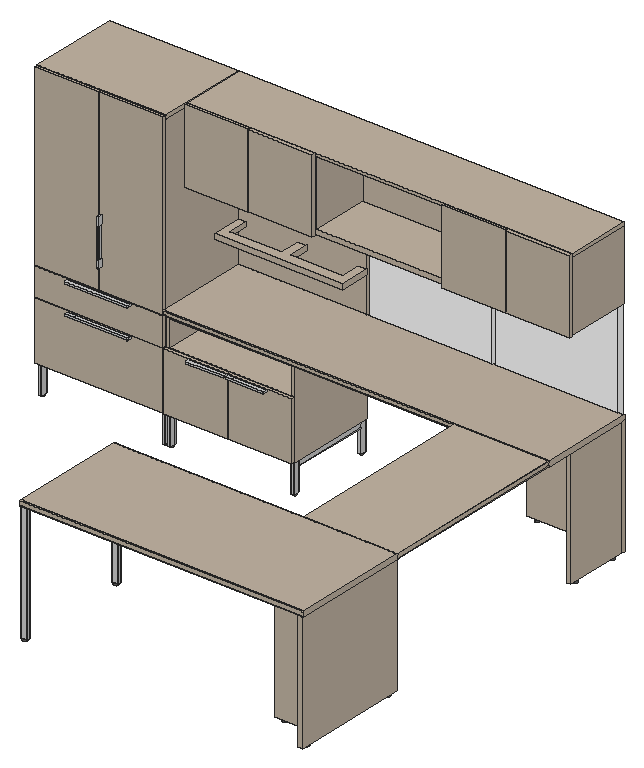
Revit family "FLT011", category Furniture, Revit 2019 (continued)
Definition of nested family "JSI-Flux-Wb_Fls_Lg_Pm_Ht"
  Dimensions and locks (in)
    locked: plane 51 to plane 67 at 0.20312
    "Top_Pull_Dist": plane 2 "Center (Left/Right)" to plane 63
    "C_Pull_Dist": plane 2 "Center (Left/Right)" to plane 64
    "Bottom_Pull_Dist": plane 2 "Center (Left/Right)" to plane 65
    equal spacing: plane 12, plane 70, plane 13
    "L_Vertical_Pull_Dist": plane 2 "Center (Left/Right)" to plane 68
    "R_Vertical_Pull_Dist": plane 2 "Center (Left/Right)" to plane 69
    "Top_2_Pull_Dist": plane 2 "Center (Left/Right)" to plane 71
    locked: plane 73 to plane 72 at 1
    "Top_V_Void_Dist": plane 72 to plane 41
    aligned and locked: level to plane 1
    aligned and locked: Extrusion 1 sketch curve to plane 5
    aligned and locked: Extrusion 1 sketch curve to plane 9
    aligned and locked: Extrusion 1 sketch curve to plane 7
    aligned and locked: Extrusion 2 sketch curve to plane 7
    aligned and locked: Extrusion 2 sketch curve to plane 6
    aligned and locked: Extrusion 2 sketch curve to plane 10
    aligned and locked: Extrusion 3 sketch curve to plane 17
    aligned and locked: Extrusion 3 sketch curve to plane 18
    aligned and locked: Extrusion 3 sketch curve to plane 9
    aligned and locked: Extrusion 3 sketch curve to plane 10
    aligned and locked: plane 16 to Extrusion 3
    aligned and locked: plane 3 "Center (Front/Back)" to Extrusion 4 sketch curve
    aligned and locked: plane 12 to Extrusion 4 sketch curve
    aligned and locked: plane 16 to Extrusion 4 sketch curve
    aligned and locked: plane 8 to Extrusion 4 sketch curve
    aligned and locked: Extrusion 4 to plane 2 "Center (Left/Right)"
    aligned and locked: plane 4 to Extrusion 4
    aligned and locked: Extrusion 3 to plane 13
    aligned and locked: plane 14 to Extrusion 5 sketch curve
    aligned and locked: plane 15 to Extrusion 5 sketch curve
    aligned and locked: plane 18 to Extrusion 5 sketch curve
    aligned and locked: plane 19 to Extrusion 5 sketch curve
    aligned and locked: Extrusion 5 to plane 9
    aligned and locked: plane 10 to Extrusion 5
    aligned and locked: plane 11 to nested 1
    aligned and locked: curve 1 to plane 2 "Center (Left/Right)"
    aligned and locked: curve 2 to plane 3 "Center (Front/Back)"
    aligned and locked: curve 4 to plane 4
    aligned and locked: curve 9 to plane 7
    aligned and locked: curve 11 to plane 7
    aligned and locked: curve 5 to plane 5
    aligned and locked: curve 7 to plane 10
    aligned and locked: plane 9 to curve 14
    aligned and locked: plane 10 to curve 13
    aligned and locked: plane 10 to curve 14
    aligned and locked: plane 24 to nested 1
    aligned and locked: plane 8 to Extrusion 4
    aligned and locked: plane 19 to Extrusion 1
    aligned and locked: curve 10 to plane 19
    aligned and locked: curve 12 to plane 19
    aligned and locked: plane 19 to Extrusion 2
    aligned and locked: Extrusion 6 sketch curve to plane 31
    aligned and locked: Extrusion 6 sketch curve to plane 32
    aligned and locked: Extrusion 6 to plane 18
    aligned and locked: plane 19 to Extrusion 6
    aligned and locked: Extrusion 7 sketch curve to plane 35
    aligned and locked: Extrusion 7 sketch curve to plane 34
    aligned and locked: Extrusion 8 to plane 18
    aligned and locked: plane 22 to Extrusion 8
    aligned and locked: Extrusion 8 to Extrusion 9
    aligned and locked: Extrusion 10 sketch curve to plane 26
    aligned and locked: Extrusion 10 sketch curve to plane 38
    aligned and locked: Extrusion 10 sketch curve to plane 24
    aligned and locked: Extrusion 10 sketch curve to plane 27
    aligned and locked: Extrusion 10 to plane 25
    aligned and locked: plane 30 to Extrusion 10
    aligned and locked: Extrusion 11 sketch curve to plane 52
    aligned and locked: Extrusion 11 sketch curve to plane 53
    aligned and locked: Extrusion 11 sketch curve to plane 18
    aligned and locked: Extrusion 11 sketch curve to plane 19
    aligned and locked: Extrusion 11 to plane 15
    aligned and locked: plane 16 to Extrusion 11
    aligned and locked: Extrusion 7 to plane 18
    aligned and locked: plane 19 to Extrusion 7
    aligned and locked: Extrusion 12 sketch curve to plane 54
    aligned and locked: Extrusion 12 sketch curve to plane 55
    aligned and locked: Extrusion 12 sketch curve to plane 39
    aligned and locked: Extrusion 12 sketch curve to plane 40
    aligned and locked: Extrusion 12 to plane 13
    aligned and locked: plane 12 to Extrusion 12
    aligned and locked: Extrusion 13 sketch curve to plane 47
    aligned and locked: Extrusion 13 sketch curve to plane 48
    aligned and locked: Extrusion 13 sketch curve to plane 56
    aligned and locked: Extrusion 13 sketch curve to plane 57
    aligned and locked: plane 42 to Extrusion 13
    aligned and locked: Extrusion 13 to plane 41
    aligned and locked: Extrusion 14 sketch curve to plane 50
    aligned and locked: Extrusion 14 sketch curve to plane 51
    aligned and locked: Extrusion 14 sketch curve to plane 56
    aligned and locked: Extrusion 14 sketch curve to plane 57
    aligned and locked: plane 46 to Extrusion 14
    aligned and locked: Extrusion 14 to plane 45
    aligned and locked: Extrusion 15 sketch curve to plane 12
    aligned and locked: Extrusion 15 sketch curve to plane 56
    aligned and locked: Extrusion 15 sketch curve to plane 57
    aligned and locked: Extrusion 15 sketch curve to plane 48
    aligned and locked: plane 59 to Extrusion 15
    aligned and locked: Extrusion 15 to plane 58
    aligned and locked: plane 60 to nested 2
    aligned and locked: plane 62 to nested 2
    aligned and locked: plane 61 to nested 2
    aligned and locked: nested 3 to plane 63
    aligned and locked: nested 4 to plane 65
    aligned and locked: plane 66 to nested 3
    aligned and locked: plane 67 to nested 4
    aligned and locked: plane 70 to nested 5
    aligned and locked: plane 68 to nested 5
    aligned and locked: plane 70 to nested 6
    aligned and locked: plane 69 to nested 6
    aligned and locked: plane 24 to nested 3
    aligned and locked: plane 24 to nested 4
    aligned and locked: plane 24 to nested 5
    aligned and locked: plane 24 to nested 6
    aligned and locked: plane 16 to Extrusion 1
    aligned and locked: plane 16 to Extrusion 2
    aligned and locked: curve 15 to plane 26
    aligned and locked: curve 16 to plane 38
    aligned and locked: curve 17 to plane 24
    aligned and locked: curve 18 to plane 27
    aligned and locked: plane 55 to curve 24
    aligned and locked: plane 38 to curve 23
    aligned and locked: plane 24 to curve 24
    aligned and locked: plane 66 to nested 7
    aligned and locked: nested 7 to plane 71
    aligned and locked: Extrusion 16 sketch curve to plane 54
    aligned and locked: Extrusion 16 sketch curve to plane 55
    aligned and locked: Extrusion 16 sketch curve to plane 72
    aligned and locked: Extrusion 16 sketch curve to plane 73
    aligned and locked: plane 12 to Extrusion 16
    aligned and locked: Extrusion 16 to plane 47
    aligned and locked: curve 25 to plane 54
    aligned and locked: curve 26 to plane 55
    aligned and locked: plane 38 to curve 26
    aligned and locked: plane 24 to curve 26
    aligned and locked: plane 24 to curve 27
    aligned and locked: plane 38 to curve 28
    aligned and locked: Extrusion 1 to plane 13
    aligned and locked: Extrusion 2 to plane 13
    aligned and locked: plane 11 to nested 8
    aligned and locked: nested 8 to plane 61
    aligned and locked: plane 13 to nested 8
    aligned and locked: nested 8 to plane 1
    aligned and locked: plane 13 to plane 14
  Automatic sketch dimensions
    plane 19 to Extrusion 1 sketch curve = 0' - 0"
    plane 19 to Extrusion 2 sketch curve = 0' - 0"
    plane 8 to curve 4 = 0' - 0"
    plane 18 to curve 14 = 0' - 0"
    plane 17 to curve 13 = 0' - 0"
    Extrusion 6 sketch curve to plane 9 = 0' - 0"
    Extrusion 7 sketch curve to plane 53 = 0' - 0"
  Nested families (in)
    nested 1: "Label 1-16" at (-27.03288, -11.0625, 0), type "DRWCFG"
    nested 2: "Hanger" at (-28.02501, 0.25, 65.59375), Hngr L <- "Hngr_L", Hngr R <- "Hngr_R", Hanger Finish <- "Pull Finish", type "HNGR"
      with Hngr R no, Hngr L yes, Hanger Finish none
    nested 3: "Bar Pull CL" at (-32.97814, -11.0625, 27.42188), visible <- "Top_Pull", Pull Line <- "Top_Pull", Pull Finish <- "Pull Finish", type "PL"
      with Pull Line yes, Pull Finish none, Stud 0' - 1.54911", Pull Width 0' - 10 27/32"
    nested 4: "Bar Pull CL" at (-32.97814, -11.0625, 20.67188), visible <- "Bottom Pull", Pull Line <- "Bottom Pull", Pull Finish <- "Pull Finish", type "PL"
      with Pull Line yes, Pull Finish none, Stud 0' - 1.54911", Pull Width 0' - 10 27/32"
    nested 5: "Bar Pull V" at (-27.55626, -11.0625, 38.20313), Pull R <- "V_Pull_L_R", Pull L <- "V_Pull_L_L", Pull Finish <- "Pull Finish", type "PL"
      with Pull R no, Pull L no, Pull Finish none, Tuks Width 0' - 1.80729", Pull Width 0' - 10 27/32"
    nested 6: "Bar Pull V" at (-26.99376, -11.0625, 38.20313), Pull R <- "V_Pull_R_R", Pull L <- "V_Pull_R_L", Pull Finish <- "Pull Finish", type "PL"
      with Pull R no, Pull L yes, Pull Finish none, Tuks Width 0' - 1.80729", Pull Width 0' - 10 27/32"
    nested 7: "Bar Pull CL" at (-13.82189, -11.0625, 27.42188), Pull Finish <- "Pull Finish", visible <- "Top_2_Pull", Pull Line <- "Top_2_Pull", type "PL"
      with Pull Line no, Pull Finish none, Stud 0' - 1.54911", Pull Width 0' - 10 27/32"
    nested 8: "LEGS" at (-36.06413, 10.71875, 0), LEGS <- "Legs", GLIDES <- "Glides", Width <- "Leg_Width", Depth <- "Leg_Depth", type "LG"
      with Width 1' - 6 1/16", LG yes, LEGS none, GLIDES none, Depth 1' - 8 15/16"
  Definition of nested family "Hanger"
    Parameters
      Hngr L [instance] = yes
      Hngr R [instance] = yes
      Hanger Finish [instance] = none
    Reference planes (in)
      plane 1 "Center Front/Back": y = 0
      plane 2: z = 0
      plane 3 "Center Left/Right": x = 3.24213
    Forms (in)
      Extrusion 1, solid, material <- "Hanger Finish", visible <- "Hngr R"
        sketch origin (0, 0, -65.69959) x (1, 0, 0) y (0, 0, 1)
          loop
            line (3.24213, 65.32459) -> (3.24213, 63.58858)
            arc (3.24213, 63.58858) -> (3.7521, 62.87944) -> (4.58667, 63.13722) r 0.74803
            line (4.58667, 63.13722) -> (4.85512, 63.492) -> (4.73078, 63.58608) -> (4.45513, 63.2218)
            arc (4.45513, 63.2218) -> (3.83, 63.04103) -> (3.47835, 63.58858) r 0.54433
            line (3.47835, 63.58858) -> (3.55698, 64.7131)
            arc (3.55698, 64.7131) -> (3.65039, 65.09816) -> (3.86566, 65.43082) r 1.18359
            line (3.86566, 65.43082) -> (3.6823, 65.63583) -> (3.37377, 65.35987)
            arc (3.37377, 65.35987) -> (3.31215, 65.32654) -> (3.24213, 65.32459) r 0.15109
        from -0.46747 to 0.46747
      Extrusion 2, void
        sketch origin (3.24213, 0, -65.69959) x (0, 1, 0) y (0, 0, 1)
          loop
            line (0.46747, 65.91904) -> (0.30479, 62.81504) -> (0.46747, 62.81504) -> (0.46747, 65.91904)
          loop
            line (-0.46747, 65.91904) -> (-0.46747, 62.81504) -> (-0.30479, 62.81504) -> (-0.46747, 65.91904)
        from -1.75548 to 1.75581
      Extrusion 3, solid, material <- "Hanger Finish", visible <- "Hngr L"
        sketch origin (6.48425, 0, -65.69959) x (-1, 0, 0) y (0, 0, -1)
          loop
            arc (3.24213, -65.32459) -> (3.31215, -65.32654) -> (3.37377, -65.35987) r 0.15109
            line (3.37377, -65.35987) -> (3.6823, -65.63583) -> (3.86566, -65.43082)
            arc (3.86566, -65.43082) -> (3.65039, -65.09816) -> (3.55698, -64.7131) r 1.18359
            line (3.55698, -64.7131) -> (3.47835, -63.58858)
            arc (3.47835, -63.58858) -> (3.83, -63.04103) -> (4.45513, -63.2218) r 0.54433
            line (4.45513, -63.2218) -> (4.73078, -63.58608) -> (4.85512, -63.492) -> (4.58667, -63.13722)
            arc (4.58667, -63.13722) -> (3.7521, -62.87944) -> (3.24213, -63.58858) r 0.74803
            line (3.24213, -63.58858) -> (3.24213, -65.32459)
        from -0.46747 to 0.46747
    Cuts and joins
      Extrusion 2 cuts Extrusion 3
      Extrusion 2 cuts Extrusion 1
    Dimensions and locks (in)
      aligned and locked: level to plane 2
  Definition of nested family "Bar Pull CL"
    Parameters
      Stud = Pull Width / 7  # 0' - 2.12054"
      Pull Width = 1' - 2 27/32"
      Pull Line [instance] = yes
      Pull Finish [instance] = none
    Reference planes (in)
      plane 1 "Center Front/Back": y = 0
      plane 2: z = 0
      plane 3 "Center Left/Right": x = 3.24213
    Forms (in)
      Extrusion 1, solid, material <- "Pull Finish"
        sketch origin (0, 0, 0) x (1, 0, 0) y (0, 1, 0)
          loop
            line (-4.17975, 0) -> (-4.17975, -0.85113)
            arc (-4.17975, -0.85113) -> (-4.15229, -0.91742) -> (-4.086, -0.94488) r 0.09375
            line (-4.086, -0.94488) -> (10.58526, -0.94488)
            arc (10.58526, -0.94488) -> (10.64094, -0.92182) -> (10.664, -0.86614) r 0.07874
            line (10.664, -0.86614) -> (10.664, 0) -> (8.54347, 0) -> (8.54347, -0.70177)
            arc (8.54347, -0.70177) -> (8.50685, -0.79016) -> (8.41847, -0.82677) r 0.125
            line (8.41847, -0.82677) -> (-1.93421, -0.82677)
            arc (-1.93421, -0.82677) -> (-2.0226, -0.79016) -> (-2.05921, -0.70177) r 0.125
            line (-2.05921, -0.70177) -> (-2.05921, 0) -> (-4.17975, 0)
        from -0.43307 to -0.11811
      Extrusion 2, solid, material <- "Pull Finish"
        sketch origin (0, 0, 0) x (1, 0, 0) y (0, 1, 0)
          loop
            line (-4.17975, 0) -> (-4.17975, -0.85113)
            arc (-4.17975, -0.85113) -> (-4.15229, -0.91742) -> (-4.086, -0.94488) r 0.09375
            line (-4.086, -0.94488) -> (10.58526, -0.94488)
            arc (10.58526, -0.94488) -> (10.64094, -0.92182) -> (10.664, -0.86614) r 0.07874
            line (10.664, -0.86614) -> (10.664, 0) -> (-4.17975, 0)
        from 0 to -0.11811
    Cuts and joins
      joined: Extrusion 1, Extrusion 2
    Lines and regions (in)
      symbolic lines, visible <- "Pull Line"
        curve 1: line (-4.17975, 0, 0) -> (-4.17975, -0.85113, 0)
        curve 2: line (10.664, -0.86614, 0) -> (10.664, 0, 0)
        curve 3: line (-4.086, -0.94488, 0) -> (10.58526, -0.94488, 0)
        curve 4: arc (-4.17975, -0.85113, 0) -> (-4.15229, -0.91742, 0) -> (-4.086, -0.94488, 0) r 0.09375
        curve 5: arc (10.58526, -0.94488, 0) -> (10.64094, -0.92182, 0) -> (10.664, -0.86614, 0) r 0.07874
    Dimensions and locks (in)
      equal spacing: Extrusion 1 sketch curve, plane 3 "Center Left/Right", Extrusion 1 sketch curve
      "Stud": Extrusion 1 sketch curve to Extrusion 1 sketch curve  (x2)
      "Pull Width": Extrusion 1 sketch curve to Extrusion 1 sketch curve
      aligned and locked: level to plane 2
      aligned and locked: Extrusion 2 sketch curve to Extrusion 1  (x2)
      aligned and locked: cut or joined group of Extrusion 1, Extrusion 2 to curve 1
      aligned and locked: curve 4 to cut or joined group of Extrusion 1, Extrusion 2
      aligned and locked: curve 5 to cut or joined group of Extrusion 1, Extrusion 2
      aligned and locked: plane 1 "Center Front/Back" to curve 1
      aligned and locked: plane 1 "Center Front/Back" to curve 2
    Automatic sketch dimensions
      plane 1 "Center Front/Back" to Extrusion 2 sketch curve = 0' - 0"
      plane 1 "Center Front/Back" to Extrusion 1 sketch curve = 0' - 0"  (x2)
      Extrusion 1 sketch curve to Extrusion 1 sketch curve = 0' - 0 3/32"
      Extrusion 1 sketch curve to Extrusion 1 sketch curve = 0' - 0 1/8"  (x2)
      Extrusion 1 sketch curve to Extrusion 1 sketch curve = 0' - 0.07874"
      plane 1 "Center Front/Back" to Extrusion 1 sketch curve = 0' - 0.70177"
      Extrusion 1 sketch curve to Extrusion 1 sketch curve = 0' - 0.85113"
  Definition of nested family "Bar Pull V"
    Parameters
      Tuks Width = Pull Width / 6  # 0' - 2.47917"
      Pull Width = 1' - 2 7/8"
      Pull R [instance] = yes
      Pull L [instance] = yes
      Pull Finish [instance] = none
    Reference planes (in)
      plane 1 "Center Front/Back": y = 0
      plane 2: z = 0
      plane 3 "Center Left/Right": x = 3.24213
      plane 4: z = 7.4375
      plane 5: z = -7.4375
      plane 6: z = 4.95833
      plane 7: z = -4.95833
    Forms (in)
      Extrusion 1, solid, material <- "Pull Finish", visible <- "Pull R"
        sketch origin (3.24213, 0, 3.24963) x (0, 0, -1) y (0, 1, 0)
          loop
            line (-4.18787, 0) -> (-4.18787, -0.85113)
            arc (-4.18787, -0.85113) -> (-4.16041, -0.91742) -> (-4.09412, -0.94488) r 0.09375
            line (-4.09412, -0.94488) -> (10.60839, -0.94488)
            arc (10.60839, -0.94488) -> (10.66407, -0.92182) -> (10.68713, -0.86614) r 0.07874
            line (10.68713, -0.86614) -> (10.68713, 0) -> (8.20796, 0) -> (8.20796, -0.70177)
            arc (8.20796, -0.70177) -> (8.17135, -0.79016) -> (8.08296, -0.82677) r 0.125
            line (8.08296, -0.82677) -> (-1.5837, -0.82677)
            arc (-1.5837, -0.82677) -> (-1.67209, -0.79016) -> (-1.7087, -0.70177) r 0.125
            line (-1.7087, -0.70177) -> (-1.7087, 0) -> (-4.18787, 0)
        from -0.43307 to -0.11811
      Extrusion 2, solid, material <- "Pull Finish", visible <- "Pull R"
        sketch origin (3.24213, 0, 3.24963) x (0, 0, -1) y (0, 1, 0)
          loop
            line (-4.18787, 0) -> (-4.18787, -0.85113)
            arc (-4.18787, -0.85113) -> (-4.16041, -0.91742) -> (-4.09412, -0.94488) r 0.09375
            line (-4.09412, -0.94488) -> (10.60839, -0.94488)
            arc (10.60839, -0.94488) -> (10.66407, -0.92182) -> (10.68713, -0.86614) r 0.07874
            line (10.68713, -0.86614) -> (10.68713, 0) -> (-4.18787, 0)
        from 0 to -0.11811
      Extrusion 3, solid, material <- "Pull Finish", visible <- "Pull L"
        sketch origin (3.24213, 0, 3.24963) x (0, 0, -1) y (0, -1, 0)
          loop
            line (-4.18787, 0) -> (-1.7087, 0) -> (-1.7087, 0.70177)
            arc (-1.7087, 0.70177) -> (-1.67209, 0.79016) -> (-1.5837, 0.82677) r 0.125
            line (-1.5837, 0.82677) -> (8.08296, 0.82677)
            arc (8.08296, 0.82677) -> (8.17135, 0.79016) -> (8.20796, 0.70177) r 0.125
            line (8.20796, 0.70177) -> (8.20796, 0) -> (10.68713, 0) -> (10.68713, 0.86614)
            arc (10.68713, 0.86614) -> (10.66407, 0.92182) -> (10.60839, 0.94488) r 0.07874
            line (10.60839, 0.94488) -> (-4.09412, 0.94488)
            arc (-4.09412, 0.94488) -> (-4.16041, 0.91742) -> (-4.18787, 0.85113) r 0.09375
            line (-4.18787, 0.85113) -> (-4.18787, 0)
        from -0.43307 to -0.11811
      Extrusion 4, solid, material <- "Pull Finish", visible <- "Pull L"
        sketch origin (3.24213, 0, 3.24963) x (0, 0, -1) y (0, -1, 0)
          loop
            line (-4.18787, 0) -> (10.68713, 0) -> (10.68713, 0.86614)
            arc (10.68713, 0.86614) -> (10.66407, 0.92182) -> (10.60839, 0.94488) r 0.07874
            line (10.60839, 0.94488) -> (-4.09412, 0.94488)
            arc (-4.09412, 0.94488) -> (-4.16041, 0.91742) -> (-4.18787, 0.85113) r 0.09375
            line (-4.18787, 0.85113) -> (-4.18787, 0)
        from 0 to -0.11811
    Cuts and joins
      joined: Extrusion 1, Extrusion 2
      joined: Extrusion 3, Extrusion 4
    Dimensions and locks (in)
      "Pull Width": plane 4 to plane 5
      "Tuks Width": plane 4 to plane 6
      "Tuks Width": plane 7 to plane 5
      equal spacing: plane 4, plane 2, plane 5
      aligned and locked: level to plane 2
      aligned and locked: Extrusion 2 sketch curve to Extrusion 1  (x2)
      aligned and locked: Extrusion 4 sketch curve to Extrusion 3  (x2)
      aligned and locked: plane 4 to cut or joined group of Extrusion 1, Extrusion 2  (x3)
      aligned and locked: plane 4 to cut or joined group of Extrusion 3, Extrusion 4
      aligned and locked: cut or joined group of Extrusion 1, Extrusion 2 to plane 6
      aligned and locked: cut or joined group of Extrusion 3, Extrusion 4 to plane 6
      aligned and locked: plane 7 to cut or joined group of Extrusion 1, Extrusion 2
      aligned and locked: cut or joined group of Extrusion 1, Extrusion 2 to plane 5
      aligned and locked: cut or joined group of Extrusion 3, Extrusion 4 to plane 5
    Automatic sketch dimensions
      Extrusion 1 sketch curve to plane 4 = 0' - 0"
      Extrusion 1 sketch curve to plane 6 = 0' - 0"
      Extrusion 1 sketch curve to plane 1 "Center Front/Back" = 0' - 0"  (x2)
      Extrusion 1 sketch curve to plane 7 = 0' - 0"
      Extrusion 1 sketch curve to plane 5 = 0' - 0"
      Extrusion 1 sketch curve to Extrusion 1 sketch curve = 0' - 0 3/32"
      Extrusion 1 sketch curve to plane 6 = 0' - 0 1/8"
      plane 7 to Extrusion 1 sketch curve = 0' - 0 1/8"
      plane 5 to Extrusion 1 sketch curve = 0' - 0.07874"
      plane 1 "Center Front/Back" to Extrusion 1 sketch curve = 0' - 0.70177"
      Extrusion 1 sketch curve to Extrusion 1 sketch curve = 0' - 0.85113"
      Extrusion 2 sketch curve to plane 4 = 0' - 0"
      Extrusion 2 sketch curve to plane 5 = 0' - 0"
      Extrusion 2 sketch curve to Extrusion 2 sketch curve = 0' - 0 3/32"
      Extrusion 2 sketch curve to Extrusion 2 sketch curve = 0' - 0.07874"
      Extrusion 3 sketch curve to plane 4 = 0' - 0"
      Extrusion 3 sketch curve to plane 6 = 0' - 0"
      Extrusion 3 sketch curve to plane 1 "Center Front/Back" = 0' - 0"  (x2)
      Extrusion 3 sketch curve to plane 7 = 0' - 0"
      Extrusion 3 sketch curve to plane 5 = 0' - 0"
      Extrusion 3 sketch curve to plane 4 = 0' - 0 3/32"
      Extrusion 3 sketch curve to plane 6 = 0' - 0 1/8"
      plane 7 to Extrusion 3 sketch curve = 0' - 0 1/8"
      plane 5 to Extrusion 3 sketch curve = 0' - 0.07874"
      plane 1 "Center Front/Back" to Extrusion 3 sketch curve = 0' - 0.70177"
      Extrusion 3 sketch curve to Extrusion 3 sketch curve = 0' - 0.85113"
      Extrusion 4 sketch curve to plane 4 = 0' - 0"
      Extrusion 4 sketch curve to plane 5 = 0' - 0"
      Extrusion 4 sketch curve to plane 4 = 0' - 0 3/32"
      Extrusion 4 sketch curve to Extrusion 4 sketch curve = 0' - 0.07874"
  Definition of nested family "LEGS"
    Parameters
      Width [instance] = 2' - 6"
      LG [instance] = yes
      LEGS [instance] = none
      GLIDES [instance] = none
      Depth [instance] = 1' - 9 3/32"
    Reference planes (in)
      plane 1 "Center Front/Back": y = 0
      plane 2: z = 0
      plane 3 "Center Left/Right": x = 0
      plane 4: x = 30
      plane 5: y = -21.09375
      plane 6: x = 0.21441
      plane 7: x = 0.96441
      plane 8: x = 29.03125
      plane 9: x = 29.78125
      plane 10: z = 7.1875
      plane 11: y = -0.0625
      plane 12: y = -1.5625
      plane 13: y = -19.53125
      plane 14: y = -21.03125
      plane 15: y = -10.54687
      plane 16: x = 15
      plane 17: z = 0.30625
    Forms (in)
      Extrusion 1, solid, material <- "LEGS", visible <- "LG"
        sketch origin (0, 0, 0) x (1, 0, 0) y (0, 1, 0)
          loop
            arc (0.33941, -0.0625) -> (0.25102, -0.09911) -> (0.21441, -0.1875) r 0.125
            line (0.21441, -0.1875) -> (0.21441, -1.4375)
            arc (0.21441, -1.4375) -> (0.25102, -1.52589) -> (0.33941, -1.5625) r 0.125
            line (0.33941, -1.5625) -> (0.83941, -1.5625)
            arc (0.83941, -1.5625) -> (0.9278, -1.52589) -> (0.96441, -1.4375) r 0.125
            line (0.96441, -1.4375) -> (0.96441, -0.1875)
            arc (0.96441, -0.1875) -> (0.9278, -0.09911) -> (0.83941, -0.0625) r 0.125
            line (0.83941, -0.0625) -> (0.33941, -0.0625)
          loop
            arc (29.15625, -0.0625) -> (29.06786, -0.09911) -> (29.03125, -0.1875) r 0.125
            line (29.03125, -0.1875) -> (29.03125, -1.4375)
            arc (29.03125, -1.4375) -> (29.06786, -1.52589) -> (29.15625, -1.5625) r 0.125
            line (29.15625, -1.5625) -> (29.65625, -1.5625)
            arc (29.65625, -1.5625) -> (29.74464, -1.52589) -> (29.78125, -1.4375) r 0.125
            line (29.78125, -1.4375) -> (29.78125, -0.1875)
            arc (29.78125, -0.1875) -> (29.74464, -0.09911) -> (29.65625, -0.0625) r 0.125
            line (29.65625, -0.0625) -> (29.15625, -0.0625)
          loop
            arc (29.15625, -19.53125) -> (29.06786, -19.56786) -> (29.03125, -19.65625) r 0.125
            line (29.03125, -19.65625) -> (29.03125, -20.90625)
            arc (29.03125, -20.90625) -> (29.06786, -20.99464) -> (29.15625, -21.03125) r 0.125
            line (29.15625, -21.03125) -> (29.65625, -21.03125)
            arc (29.65625, -21.03125) -> (29.74464, -20.99464) -> (29.78125, -20.90625) r 0.125
            line (29.78125, -20.90625) -> (29.78125, -19.65625)
            arc (29.78125, -19.65625) -> (29.74464, -19.56786) -> (29.65625, -19.53125) r 0.125
            line (29.65625, -19.53125) -> (29.15625, -19.53125)
          loop
            arc (0.33941, -19.53125) -> (0.25102, -19.56786) -> (0.21441, -19.65625) r 0.125
            line (0.21441, -19.65625) -> (0.21441, -20.90625)
            arc (0.21441, -20.90625) -> (0.25102, -20.99464) -> (0.33941, -21.03125) r 0.125
            line (0.33941, -21.03125) -> (0.83941, -21.03125)
            arc (0.83941, -21.03125) -> (0.9278, -20.99464) -> (0.96441, -20.90625) r 0.125
            line (0.96441, -20.90625) -> (0.96441, -19.65625)
            arc (0.96441, -19.65625) -> (0.9278, -19.56786) -> (0.83941, -19.53125) r 0.125
            line (0.83941, -19.53125) -> (0.33941, -19.53125)
        from 0.30625 to 7.1875
      Extrusion 2, solid, material <- "LEGS", visible <- "LG"
        sketch origin (0, 0, 0) x (1, 0, 0) y (0, 0, 1)
          loop
            line (0.33941, 5.6875) -> (0.83941, 5.6875)
            arc (0.83941, 5.6875) -> (0.9278, 5.72411) -> (0.96441, 5.8125) r 0.125
            line (0.96441, 5.8125) -> (0.96441, 7.0625)
            arc (0.96441, 7.0625) -> (0.9278, 7.15089) -> (0.83941, 7.1875) r 0.125
            line (0.83941, 7.1875) -> (0.33941, 7.1875)
            arc (0.33941, 7.1875) -> (0.25102, 7.15089) -> (0.21441, 7.0625) r 0.125
            line (0.21441, 7.0625) -> (0.21441, 5.8125)
            arc (0.21441, 5.8125) -> (0.25102, 5.72411) -> (0.33941, 5.6875) r 0.125
          loop
            line (29.15625, 5.6875) -> (29.65625, 5.6875)
            arc (29.65625, 5.6875) -> (29.74464, 5.72411) -> (29.78125, 5.8125) r 0.125
            line (29.78125, 5.8125) -> (29.78125, 7.0625)
            arc (29.78125, 7.0625) -> (29.74464, 7.15089) -> (29.65625, 7.1875) r 0.125
            line (29.65625, 7.1875) -> (29.15625, 7.1875)
            arc (29.15625, 7.1875) -> (29.06786, 7.15089) -> (29.03125, 7.0625) r 0.125
            line (29.03125, 7.0625) -> (29.03125, 5.8125)
            arc (29.03125, 5.8125) -> (29.06786, 5.72411) -> (29.15625, 5.6875) r 0.125
        from 1.5625 to 19.53125
      Extrusion 3, solid, material <- "LEGS", visible <- "LG"
        sketch origin (0, 0, 0) x (0, 1, 0) y (0, 0, 1)
          loop
            line (-10.03125, 6.9375) -> (-11.0625, 6.9375)
            arc (-11.0625, 6.9375) -> (-11.15089, 6.90089) -> (-11.1875, 6.8125) r 0.125
            line (-11.1875, 6.8125) -> (-11.1875, 5.8125)
            arc (-11.1875, 5.8125) -> (-11.15089, 5.72411) -> (-11.0625, 5.6875) r 0.125
            line (-11.0625, 5.6875) -> (-10.03125, 5.6875)
            arc (-10.03125, 5.6875) -> (-9.94286, 5.72411) -> (-9.90625, 5.8125) r 0.125
            line (-9.90625, 5.8125) -> (-9.90625, 6.8125)
            arc (-9.90625, 6.8125) -> (-9.94286, 6.90089) -> (-10.03125, 6.9375) r 0.125
        from 0.96441 to 29.03125
      Extrusion 4, solid, material <- "GLIDES", visible <- "LG"
        sketch origin (0, 0, 0) x (1, 0, 0) y (0, 1, 0)
          loop
            circle (0.58941, -0.8125) r 0.375
          loop
            circle (0.58941, -20.25) r 0.375
          loop
            circle (29.41059, -0.8125) r 0.375
          loop
            circle (29.41059, -20.25) r 0.375
        from 0 to 0.30625
    Dimensions and locks (in)
      "Width": plane 3 "Center Left/Right" to plane 4
      "Depth": plane 1 "Center Front/Back" to plane 5
      plane 13 to plane 14 to plane 5 = 0' - 1 1/2" locked, 0' - 0 1/16" locked
      plane 1 "Center Front/Back" to plane 11 to plane 12 = 0' - 0 1/16" locked, 0' - 1 1/2" locked
      plane 3 "Center Left/Right" to plane 6 to plane 7 = 0' - 0.21441" locked, 0' - 0 3/4" locked
      plane 8 to plane 9 to plane 4 = 0' - 0 3/4" locked, 0' - 0 7/32" locked
      locked: plane 10 to Extrusion 2 sketch curve at 1.5  (x2)
      plane 10 to Extrusion 3 sketch curve to Extrusion 3 sketch curve = 0' - 0 1/4" locked, 0' - 1 1/4" locked
      equal spacing: plane 3 "Center Left/Right", plane 16, plane 4
      equal spacing: plane 5, plane 15, plane 1 "Center Front/Back"
      equal spacing: Extrusion 3 sketch curve, plane 15, Extrusion 3 sketch curve, locked at 0.64063 each
      locked: plane 13 to Extrusion 4 sketch curve at 0.71875  (x2)
      locked: Extrusion 4 sketch curve to plane 7 at 0.375  (x2)
      locked: Extrusion 4 sketch curve to plane 12 at 0.75  (x2)
      locked: plane 8 to Extrusion 4 sketch curve at 0.37934  (x2)
      plane 10 to plane 17 to plane 2 = 0' - 6.88125" locked, 0' - 0.30625" locked
      aligned and locked: level to plane 2
      aligned and locked: Extrusion 1 sketch curve to plane 11  (x2)
      aligned and locked: plane 6 to Extrusion 1 sketch curve
      aligned and locked: plane 12 to Extrusion 1 sketch curve  (x2)
      aligned and locked: Extrusion 1 sketch curve to plane 7  (x2)
      aligned and locked: plane 8 to Extrusion 1 sketch curve  (x2)
      aligned and locked: Extrusion 1 sketch curve to plane 9  (x2)
      aligned and locked: Extrusion 1 sketch curve to plane 13  (x2)
      aligned and locked: plane 14 to Extrusion 1 sketch curve  (x2)
      aligned and locked: Extrusion 2 sketch curve to plane 6
      aligned and locked: plane 7 to Extrusion 2 sketch curve
      aligned and locked: plane 10 to Extrusion 2 sketch curve  (x2)
      aligned and locked: Extrusion 2 sketch curve to plane 8
      aligned and locked: plane 9 to Extrusion 2 sketch curve
      aligned and locked: plane 10 to Extrusion 1
      aligned and locked: plane 12 to Extrusion 2
      aligned and locked: Extrusion 2 to plane 13
      aligned and locked: Extrusion 3 to plane 7
      aligned and locked: plane 8 to Extrusion 3
      aligned and locked: Extrusion 1 to plane 17
      aligned and locked: Extrusion 4 to level
      aligned and locked: plane 17 to Extrusion 4
    Automatic sketch dimensions
      Extrusion 1 sketch curve to plane 6 = 0' - 0"
      Extrusion 1 sketch curve to Extrusion 1 sketch curve = 0' - 0 1/8"  (x7)
      plane 6 to Extrusion 1 sketch curve = 0' - 0 1/8"  (x2)
      Extrusion 1 sketch curve to plane 7 = 0' - 0 1/8"  (x2)
      plane 8 to Extrusion 1 sketch curve = 0' - 0 1/8"  (x4)
      Extrusion 1 sketch curve to plane 9 = 0' - 0 1/8"
      plane 6 to Extrusion 2 sketch curve = 0' - 0 1/8"  (x2)
      Extrusion 2 sketch curve to plane 7 = 0' - 0 1/8"
      Extrusion 2 sketch curve to Extrusion 2 sketch curve = 0' - 0 1/8"  (x2)
      plane 8 to Extrusion 2 sketch curve = 0' - 0 1/8"  (x2)
      Extrusion 2 sketch curve to plane 9 = 0' - 0 1/8"
      Extrusion 3 sketch curve to Extrusion 3 sketch curve = 0' - 0 1/8"  (x3)
      Extrusion 3 sketch curve to Extrusion 3 sketch curve = 0' - 0"
      Extrusion 3 sketch curve to plane 15 = 0' - 0 41/64"
      radius of Extrusion 4 sketch curve = 0' - 0 3/8"  (x4)
  Definition of nested family "Label 1-16"
    Parameters
      Model Name = "BF - BF - BF"
    Reference planes (in)
      plane 1: y = 0
      plane 2: x = 0
    Text (in)
      label "XX" at (0.00051, -0.12324, 0), shows "Model Name"
Definition of nested family "JSI-Flux-Md_Crdnz_Wg_End_Sup"
  Parameters (values of type "Type Catalog - Md Crdnz Wg End Sup")
    Width = 3' - 0"
    URL = "www.jsifurniture.com"
    Type Comments = ""
    Series = "FLUX"  # constant formula
    R = if(L, 1 > 2, 2 > 1)  # no
    L = yes
    Glides = none
    End_Panel_Dist = if(L, Width - 0' 0 7/8", 0' 0")  # 2' - 11 1/8"
    Clamp = none
    Back_Panel_Width = Width - 0' 0 7/8"  # 2' - 11 1/8"
    Model = ""
    Manufacturer = "JSI"  # constant formula
    Keynote = "12500"
    JSI Enviromental Website = "http://www.jsifurniture.com/jsi_sustainability_intro.php"
    Height = 2' - 4"
    Panel = none
    Description = ""
    Depth = 1' - 10"
    Back_Panel_Dist = if(L, 0' 0", 0' 0 7/8")  # 0' - 0"
    Assembly Code = "E2020200"
  Reference planes (in)
    plane 1: z = 0
    plane 2 "Center (Left/Right)": x = -36.06413
    plane 3 "Center (Front/Back)": y = 10.75
    plane 4: y = 9.875
    plane 5: x = -0.93913
    plane 6: x = -0.06413
    plane 7: x = -0.06413
    plane 8: y = -11.25
    plane 9: z = 0.5
    plane 10: z = 28
    plane 11: x = -36.06413
    plane 12: x = -0.93913
    plane 13: x = -34.06413
    plane 14: x = -2.93913
    plane 15: y = 10.3125
    plane 16: x = -2.93913
    plane 17: x = -18.06413
    plane 18: y = -0.6875
    plane 19: y = 4.59375
    plane 20: y = -5.96875
    plane 21: x = -0.50163
    plane 22: y = -9.25
  Forms (in)
    Extrusion 1, solid, material <- "Panel"
      sketch origin (0, 0, 0) x (1, 0, 0) y (0, 1, 0)
        loop
          line (-36.06413, 10.75) -> (-36.06413, 9.875) -> (-0.93913, 9.875) -> (-0.93913, 10.75) -> (-36.06413, 10.75)
      from 0.5 to 28
    Extrusion 2, solid, material <- "Panel"
      sketch origin (0, 0, 0) x (1, 0, 0) y (0, 1, 0)
        loop
          line (-0.93913, 10.75) -> (-0.93913, -11.25) -> (-0.06413, -11.25) -> (-0.06413, 10.75) -> (-0.93913, 10.75)
      from 0.5 to 28
    Extrusion 3, solid, material <- "Glides"
      sketch origin (0, 0, 0) x (1, 0, 0) y (0, 1, 0)
        loop
          circle (-34.06413, 10.3125) r 0.4375
      from 0 to 0.5
    Extrusion 4, solid, material <- "Glides"
      sketch origin (0, 0, 0) x (1, 0, 0) y (0, 1, 0)
        loop
          circle (-2.93913, 10.3125) r 0.4375
      from 0 to 0.5
    Extrusion 5, solid, material <- "Glides"
      sketch origin (0, 0, 0) x (1, 0, 0) y (0, 1, 0)
        loop
          circle (-0.50163, -9.25) r 0.4375
      from 0 to 0.5
  Lines and regions (in)
    symbolic lines
      curve 1: line (-0.93913, 10.75, 0) -> (-36.06413, 10.75, 0)
      curve 2: line (-0.93913, 9.875, 0) -> (-36.06413, 9.875, 0)
      curve 3: line (-36.06413, 10.75, 0) -> (-36.06413, 9.875, 0)
      curve 4: line (-0.93913, 10.75, 0) -> (-0.93913, 9.875, 0)
      curve 5: line (-0.93913, 10.75, 0) -> (-0.93913, -11.25, 0)
      curve 6: line (-0.06413, 10.75, 0) -> (-0.06413, -11.25, 0)
      curve 7: line (-0.06413, 10.75, 0) -> (-0.93913, 10.75, 0)
      curve 8: line (-0.06413, -11.25, 0) -> (-0.93913, -11.25, 0)
  Dimensions and locks (in)
    "Width": plane 2 "Center (Left/Right)" to plane 7
    locked: plane 5 to plane 6 at 0.875
    locked: plane 4 to plane 3 "Center (Front/Back)" at 0.875
    "Depth": plane 8 to plane 3 "Center (Front/Back)"
    locked: plane 9 to plane 1 at 0.5
    "Height": plane 10 to plane 1
    "Back_Panel_Width": plane 11 to plane 12
    "Back_Panel_Dist": plane 2 "Center (Left/Right)" to plane 11
    "End_Panel_Dist": plane 2 "Center (Left/Right)" to plane 5
    locked: plane 11 to plane 13 at 2
    locked: plane 14 to plane 12 at 2
    locked: plane 15 to plane 3 "Center (Front/Back)" at 0.4375
    plane 2 "Center (Left/Right)" to plane 17 to plane 7 = 1' - 6", 1' - 6"
    equal spacing: plane 8, plane 18, plane 4
    equal spacing: plane 18, plane 19, plane 4
    equal spacing: plane 8, plane 20, plane 18
    locked: plane 5 to plane 21 at 0.4375
    locked: plane 8 to plane 22 at 2
    radius of Extrusion 3 sketch curve = 0' - 0 7/16"
    radius of Extrusion 4 sketch curve = 0' - 0 7/16"
    radius of Extrusion 5 sketch curve = 0' - 0 7/16"
    aligned and locked: level to plane 1
    aligned and locked: Extrusion 1 sketch curve to plane 11
    aligned and locked: Extrusion 1 sketch curve to plane 12
    aligned and locked: Extrusion 1 sketch curve to plane 3 "Center (Front/Back)"
    aligned and locked: Extrusion 1 sketch curve to plane 4
    aligned and locked: Extrusion 2 sketch curve to plane 5
    aligned and locked: Extrusion 2 sketch curve to plane 6
    aligned and locked: Extrusion 2 sketch curve to plane 3 "Center (Front/Back)"
    aligned and locked: Extrusion 2 sketch curve to plane 8
    aligned and locked: plane 10 to Extrusion 2
    aligned and locked: Extrusion 2 to plane 9
    aligned and locked: plane 10 to Extrusion 1
    aligned and locked: Extrusion 1 to plane 9
    aligned and locked: Extrusion 3 to plane 1
    aligned and locked: Extrusion 4 to plane 1
    aligned and locked: plane 9 to Extrusion 3
    aligned and locked: plane 9 to Extrusion 4
    aligned and locked: plane 10 to nested 1
    aligned and locked: nested 1 to plane 19
    aligned and locked: nested 2 to plane 20
    aligned and locked: plane 5 to nested 3
    aligned and locked: nested 3 to plane 10
    aligned and locked: plane 5 to nested 4
    aligned and locked: nested 4 to plane 10
    aligned and locked: plane 6 to nested 2
    aligned and locked: plane 6 to nested 1
    aligned and locked: curve 1 to plane 3 "Center (Front/Back)"
    aligned and locked: curve 2 to plane 4
    aligned and locked: curve 3 to plane 11
    aligned and locked: curve 4 to plane 12
    aligned and locked: curve 5 to plane 5
    aligned and locked: curve 6 to plane 6
    aligned and locked: curve 7 to plane 3 "Center (Front/Back)"
    aligned and locked: curve 8 to plane 8
    aligned and locked: plane 19 to nested 4
    aligned and locked: plane 20 to nested 3
    aligned and locked: nested 6 to plane 18
    aligned and locked: plane 18 to nested 5
    aligned and locked: plane 10 to nested 6
    aligned and locked: nested 5 to plane 10
    aligned and locked: nested 6 to plane 10
    aligned and locked: plane 10 to nested 5
    aligned and locked: plane 6 to nested 6
    aligned and locked: plane 5 to nested 5
    aligned and locked: plane 9 to Extrusion 5
    aligned and locked: Extrusion 5 to plane 1
  Automatic sketch dimensions
    Extrusion 3 sketch curve to plane 13 = 0' - 0"
    plane 15 to Extrusion 3 sketch curve = 0' - 0"
    Extrusion 4 sketch curve to plane 14 = 0' - 0"
    plane 15 to Extrusion 4 sketch curve = 0' - 0"
    Extrusion 5 sketch curve to plane 21 = 0' - 0"
    plane 22 to Extrusion 5 sketch curve = 0' - 0"
  Nested families (in)
    nested 1: "Clamp" at (10.68587, 40.65788, 27.125) x (0, 1, 0) z (0, 0, 1), Clamp Finish <- "Clamp", visible <- "R", type "Clamp"
      with Clamp Finish none, Clamp yes
    nested 2: "Clamp" at (10.68587, 30.09538, 27.125) x (0, 1, 0) z (0, 0, 1), Clamp Finish <- "Clamp", visible <- "R", type "Clamp"
      with Clamp Finish none, Clamp yes
    nested 3: "Clamp" at (-11.68913, 30.09538, 27.125) x (0, 1, 0) z (0, 0, 1), Clamp Finish <- "Clamp", visible <- "L", type "Clamp"
      with Clamp Finish none, Clamp yes
    nested 4: "Clamp" at (-11.68913, 40.65788, 27.125) x (0, 1, 0) z (0, 0, 1), Clamp Finish <- "Clamp", visible <- "L", type "Clamp"
      with Clamp Finish none, Clamp yes
    nested 5: "Clamp" at (-11.68913, 35.37663, 27.125) x (0, 1, 0) z (0, 0, 1), Clamp Finish <- "Clamp", visible <- "L", type "Clamp"
      with Clamp Finish none, Clamp yes
    nested 6: "Clamp" at (10.68587, 35.37663, 27.125) x (0, 1, 0) z (0, 0, 1), Clamp Finish <- "Clamp", visible <- "R", type "Clamp"
      with Clamp Finish none, Clamp yes
  Definition of nested family "Clamp"
    Parameters
      URL = "www.jsifurniture.com"
      Type Comments = ""
      Series = "FLUX"  # constant formula
      Model = ""
      Manufacturer = "JSI"  # constant formula
      Keynote = "12500"
      Clamp Finish [instance] = none
      Description = ""
      Clamp [instance] = yes
      Assembly Code = "E2020200"
    Reference planes (in)
      plane 1: z = 0
      plane 2 "Center (Left/Right)": x = -36.06413
      plane 3 "Center (Front/Back)": y = 10.75
      plane 4: x = -37.56413
      plane 5: x = -34.56413
    Forms (in)
      Extrusion 1, solid, material <- "Clamp Finish", visible <- "Clamp"
        sketch origin (0, 0, 0) x (0, 1, 0) y (0, 0, 1)
          loop
            line (10.75, 0.875) -> (9.875, 0.875) -> (9.875, 0.75) -> (10.625, 0.75) -> (10.625, 0) -> (10.75, 0) -> (10.75, 0.875)
        from -37.56413 to -34.56413
    Dimensions and locks (in)
      Extrusion 1 sketch curve to Extrusion 1 sketch curve to Extrusion 1 sketch curve = 0' - 0 1/8" locked, 0' - 0 3/4" locked  (x2)
      locked: plane 4 to plane 5 at 3
      aligned and locked: level to plane 1
      aligned and locked: plane 3 "Center (Front/Back)" to Extrusion 1 sketch curve
      aligned and locked: Extrusion 1 to plane 4
      aligned and locked: plane 5 to Extrusion 1
